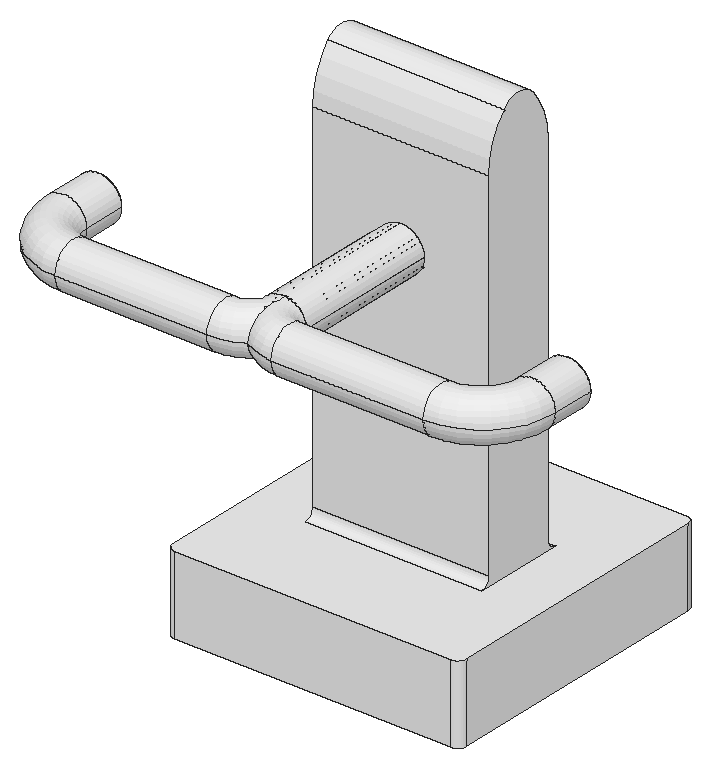
Revit family "Robe_Hook-Double-American_Standard-Contemporary_CS_Series-8335.210_Series", category Specialty Equipment, host Face, Revit 2018
Family settings
  Host = Face
  Round Connector Dimension = Use Diameter
  Part Type = Normal
  OmniClass Number = 23.40.20.21.31
  OmniClass Title = Robe Hooks
  Cut with Voids When Loaded = No
  Shared = Yes
  Room Calculation Point = No
Parameters (values of type "8335210.002")
  Width = 3 1/2"
  URL = "http://www.americanstandard-us.com"
  Type Comments = ""
  Revised Date = "03/11/2022"  # constant formula
  Product Page URL = "https://www.americanstandard-us.com/Robe-Hooks/CS-Series-Double-Robe-Hook/CHROME-8335210002"
  Product Documentation Link = "https://americanstandard.box.com/shared/static/fkr5yqp1estsg3nxmppt8euwmwddaerl.pdf"
  Price = "Prices may vary. Please consult Manufacturer Representative for most up-to-date price list."  # constant formula
  Model = "8335210.002"
  Material = "Metal-American Standard-002-Polished Chrome"
  Manufacturer = "American Standard"
  Length = 3 3/16"
  Installation Type = "Wall Mounted"
  Height = 2 5/8"
  Finish = Metal-American Standard-002-Polished Chrome
  Description = "CS Series Double Robe Hook"
  Default Elevation = 40"
  Creation Date = "04/04/2014"  # constant formula
  Assembly Code = "C1030200"
Types (3): name | Product Page URL | Model | Material | Finish
  (no name) | "https://www.americanstandard-us.com/Robe-Hooks/CS-Series-Double-Robe-Hook/CHROME-8335210002" | "8335210.002" | "Metal-American Standard-002-Polished Chrome" | Metal-American Standard-002-Polished Chrome
  8335210.002 | "https://www.americanstandard-us.com/Robe-Hooks/CS-Series-Double-Robe-Hook/CHROME-8335210002" | "8335210.002" | "Metal-American Standard-002-Polished Chrome" | Metal-American Standard-002-Polished Chrome
  8335210.295 | "https://www.americanstandard-us.com/Robe-Hooks/CS-Series-Double-Robe-Hook/BRUSHED-NICKEL-8335210295" | "8335210.295" | "Metal-American Standard-295-Satin Nickel" | Metal-American Standard-295-Satin Nickel
Reference planes (in)
  plane 1 "Center (Front/Back)": y = 0
  plane 2: z = 0
  plane 3 "Center (Left/Right)": x = 0
  plane 4 "Floor Level": y = -40
  plane 5: y = 1
  plane 6: x = 1.75
  plane 7: z = 2.375
  plane 8: z = 3.1875
  plane 9: x = 1
  plane 10: x = 0.15625
  plane 11: x = -0.15625
  plane 12: x = -1.4375
  plane 13: x = -1.75
  plane 14: y = -1
  plane 15: y = -1.3125
  plane 16: y = -1.625
  plane 17: x = -1
Forms (in)
  Extrusion 1, solid, material "Metal-American Standard-002-Polished Chrome" <- "Finish"
    sketch origin (0, 0, 0) x (1, 0, 0) y (0, 1, 0)
      loop
        arc (-0.9375, 1) -> (-0.98169, 0.98169) -> (-1, 0.9375) r 0.0625
        line (-1, 0.9375) -> (-1, -0.9375)
        arc (-1, -0.9375) -> (-0.98169, -0.98169) -> (-0.9375, -1) r 0.0625
        line (-0.9375, -1) -> (0.9375, -1)
        arc (0.9375, -1) -> (0.98169, -0.98169) -> (1, -0.9375) r 0.0625
        line (1, -0.9375) -> (1, 0.9375)
        arc (1, 0.9375) -> (0.98169, 0.98169) -> (0.9375, 1) r 0.0625
        line (0.9375, 1) -> (-0.9375, 1)
    from 0 to 0.52947
  Extrusion 2, solid, material "Metal-American Standard-002-Polished Chrome" <- "Finish"
    sketch origin (-0.00972, 0, 0) x (0, 0, -1) y (0, 1, 0)
      loop
        line (-0.59197, 0.25) -> (-3.02947, 0.25)
        arc (-3.02947, 0.25) -> (-3.21446, 0.21643) -> (-3.37586, 0.11999) r 0.52645
        arc (-3.37586, 0.11999) -> (-3.43036, 0) -> (-3.37586, -0.11999) r 0.15934
        arc (-3.37586, -0.11999) -> (-3.21446, -0.21643) -> (-3.02947, -0.25) r 0.52645
        line (-3.02947, -0.25) -> (-0.59197, -0.25)
        arc (-0.59197, -0.25) -> (-0.54777, -0.26831) -> (-0.52947, -0.3125) r 0.0625
        line (-0.52947, -0.3125) -> (-0.52947, 0.3125)
        arc (-0.52947, 0.3125) -> (-0.54777, 0.26831) -> (-0.59197, 0.25) r 0.0625
    from -0.58932 to 0.60877
  Sweep 3, solid, material "Metal-American Standard-002-Polished Chrome" <- "Finish"
    path origin (0, 0, 0) x (1, 0, 0) y (0, 1, 0)
      loop
        line (-1.75, -0.8285) -> (-1.75, -1.125)
        arc (-1.75, -1.125) -> (-1.60355, -1.47855) -> (-1.25, -1.625) r 0.5
        line (-1.25, -1.625) -> (-0.21875, -1.625)
        arc (-0.21875, -1.625) -> (0.04642, -1.51517) -> (0.15625, -1.25) r 0.375
        line (0.15625, -1.25) -> (0.15625, 0.51036)
    profile origin (-1.75, -0.97675, 0) x (1, 0, 0) y (0, 0, 1)
      loop
        circle (0.15625, 2.375) r 0.15625
  Sweep 4, solid, material "Metal-American Standard-002-Polished Chrome" <- "Finish"
    path origin (0, 0, 0) x (-1, 0, 0) y (0, -1, 0)
      loop
        line (-1.75, 0.8285) -> (-1.75, 1.125)
        arc (-1.75, 1.125) -> (-1.60355, 1.47855) -> (-1.25, 1.625) r 0.5
        line (-1.25, 1.625) -> (-0.21875, 1.625)
        arc (-0.21875, 1.625) -> (0.04642, 1.51517) -> (0.15625, 1.25) r 0.375
        line (0.15625, 1.25) -> (0.15625, 0.06657)
    profile origin (1.75, -0.97675, 0) x (1, 0, 0) y (0, 0, 1)
      loop
        circle (-0.15625, 2.375) r 0.15625
  Revolve 5, solid, material "Metal-American Standard-002-Polished Chrome" <- "Finish"
    sketch origin (0, 0, 2.375) x (1, 0, 0) y (0, 1, 0)
      loop
        line (-1.75, -0.8285) -> (-1.59375, -0.8285) -> (-1.59375, -0.75855)
        arc (-1.59375, -0.75855) -> (-1.67935, -0.77684) -> (-1.75, -0.8285) r 0.20948
      axis (-1.59375, -0.8285) -> (-1.59375, -0.75855)
    angle from 0 to 360
  Revolve 6, solid, material "Metal-American Standard-002-Polished Chrome" <- "Finish"
    sketch origin (1.59375, 1.33886, 2.375) x (1, 0, 0) y (0, 1, 0)
      loop
        line (-1.75, -0.8285) -> (-1.59375, -0.8285) -> (-1.59375, -0.75855)
        arc (-1.59375, -0.75855) -> (-1.67935, -0.77684) -> (-1.75, -0.8285) r 0.20948
      axis (-1.59375, -0.8285) -> (-1.59375, -0.75855)
    angle from 0 to 360
  Revolve 7, solid, material "Metal-American Standard-002-Polished Chrome" <- "Finish"
    sketch origin (3.1875, 0, 2.375) x (1, 0, 0) y (0, 1, 0)
      loop
        line (-1.75, -0.8285) -> (-1.59375, -0.8285) -> (-1.59375, -0.75855)
        arc (-1.59375, -0.75855) -> (-1.67935, -0.77684) -> (-1.75, -0.8285) r 0.20948
      axis (-1.59375, -0.8285) -> (-1.59375, -0.75855)
    angle from 0 to 360
  Revolve 8, solid, material "Metal-American Standard-002-Polished Chrome" <- "Finish"
    sketch origin (0, 0, 2.375) x (-1, 0, 0) y (0, -1, 0)
      loop
        arc (-1.75, 0.8285) -> (-1.67935, 0.77684) -> (-1.59375, 0.75855) r 0.20948
        line (-1.59375, 0.75855) -> (-1.59375, 0.8285) -> (-1.75, 0.8285)
      axis (-1.59375, 0.8285) -> (-1.59375, 0.75855)
    angle from 0 to 360
Lines and regions (in)
  Masking region 1
    outline origin (0, 0, 0) x (1, 0, 0) y (0, 0, 1)
      loop
        line (-0.59905, 3.43036) -> (-0.59905, 2.53125) -> (-1.59375, 2.53125)
        arc (-1.59375, 2.53125) -> (-1.70424, 2.48549) -> (-1.75, 2.375) r 0.15625
        arc (-1.75, 2.375) -> (-1.70424, 2.26451) -> (-1.59375, 2.21875) r 0.15625
        line (-1.59375, 2.21875) -> (-0.59905, 2.21875) -> (-0.59905, 0.52947) -> (-1, 0.52947) -> (-1, 0) -> (1, 0) -> (1, 0.52947) -> (0.59905, 0.52947) -> (0.59905, 2.21875) -> (1.59375, 2.21875)
        arc (1.59375, 2.21875) -> (1.70424, 2.26451) -> (1.75, 2.375) r 0.15625
        arc (1.75, 2.375) -> (1.70424, 2.48549) -> (1.59375, 2.53125) r 0.15625
        line (1.59375, 2.53125) -> (0.59905, 2.53125) -> (0.59905, 3.43036) -> (-0.59905, 3.43036)
  symbolic lines, style "SpecialityEquipment", detail levels fine
    curve 1: circle (0, 0, 2.375) r 0.15625 normal (0, -1, 0)
    curve 4: line (0.59905, 0, 0.52947) -> (-0.59905, 0, 0.52947)
  symbolic lines, style "SpecialityEquipment", detail levels medium+fine
    curve 2: line (0.59905, 0, 2.21875) -> (0.59905, 0, 2.53125)
    curve 3: line (-0.59905, 0, 2.53125) -> (-0.59905, 0, 2.21875)
Dimensions and locks (in)
  "Default Elevation": plane 4 "Floor Level" to plane 1 "Center (Front/Back)"
  "Width": plane 13 to plane 6
  "Height": plane 16 to plane 5
  plane 16 to plane 1 "Center (Front/Back)" = 1 5/8"
  plane 5 to plane 14 = 2"
  plane 2 to plane 7 = 2 3/8"
  "Length": plane 2 to plane 8
  aligned and locked: plane 2 to host face
  aligned and locked: level to host face
Automatic sketch dimensions
  host sketch curve to host sketch curve = 96"  (x2)
  plane 14 to Extrusion 1 sketch curve = 0"
  plane 5 to Extrusion 1 sketch curve = 0"
  Extrusion 1 sketch curve to plane 9 = 0"
  plane 9 to Extrusion 1 sketch curve = 1/16"  (x2)
  Extrusion 2 sketch curve to plane 1 "Center (Front/Back)" = 0"
  Extrusion 2 sketch curve to plane 8 = 0.18836"  (x2)
  plane 1 "Center (Front/Back)" to Extrusion 2 sketch curve = 0.11999"
  Extrusion 2 sketch curve to Extrusion 2 sketch curve = 0"  (x8)
  Extrusion 2 sketch curve to plane 8 = 0.08352"
  plane 1 "Center (Front/Back)" to Extrusion 2 sketch curve = 1/4"
  level to Extrusion 2 sketch curve = 0.59197"
  Extrusion 2 sketch curve to Extrusion 2 sketch curve = 1/16"
  Sweep 3 sketch curve to plane 13 = 0"
  plane 16 to Sweep 3 sketch curve = 0"
  Sweep 3 sketch curve to plane 10 = 0"
  Sweep 3 sketch curve to plane 12 = 3/16"
  plane 11 to Sweep 3 sketch curve = 1/16"
  Sweep 3 sketch curve to plane 14 = 0.1715"
  plane 5 to Sweep 3 sketch curve = 0.48964"
  Sweep 3 sketch curve to profile plane = 5/32"
  profile plane to Sweep 3 sketch curve = 2 3/8"
  Sweep 4 sketch curve to plane 6 = 0"
  plane 16 to Sweep 4 sketch curve = 0"
  Sweep 4 sketch curve to plane 11 = 0"
  Sweep 4 sketch curve to plane 9 = 1/4"
  Sweep 4 sketch curve to plane 10 = 1/16"
  Sweep 4 sketch curve to plane 14 = 0.1715"
  plane 1 "Center (Front/Back)" to Sweep 4 sketch curve = 0.06657"
  profile plane to Sweep 4 sketch curve = 5/32"
  profile plane to Sweep 4 sketch curve = 2 3/8"
  Revolve 5 sketch curve to plane 13 = 0"
  plane 12 to Revolve 5 sketch curve = 5/32"
  Revolve 5 sketch curve to Revolve 5 sketch curve = 0"
  Revolve 5 sketch curve to plane 14 = 0.03197"
  Revolve 5 sketch curve to plane 14 = 0.1715"
  Revolve 5 sketch curve to Revolve 5 sketch curve = 0.0191"
  Revolve 5 sketch curve to Revolve 5 sketch curve = 0.05432"
  Revolve 6 sketch curve to plane 11 = 0"
  Revolve 6 sketch curve to plane 3 "Center (Left/Right)" = 0"  (x2)
  Revolve 6 sketch curve to plane 1 "Center (Front/Back)" = 0.37083"
  Revolve 6 sketch curve to Revolve 6 sketch curve = 0.13953"
  Revolve 6 sketch curve to Revolve 6 sketch curve = 0.0191"
  Revolve 6 sketch curve to Revolve 6 sketch curve = 0.05432"
  plane 6 to Revolve 7 sketch curve = 5/16"
  plane 6 to Revolve 7 sketch curve = 5/32"
  Revolve 7 sketch curve to Revolve 7 sketch curve = 0"
  Revolve 7 sketch curve to plane 14 = 0.03197"
  Revolve 7 sketch curve to plane 14 = 0.1715"
  Revolve 7 sketch curve to Revolve 7 sketch curve = 0.0191"
  Revolve 7 sketch curve to Revolve 7 sketch curve = 0.05432"
  Revolve 8 sketch curve to plane 6 = 0"
  plane 6 to Revolve 8 sketch curve = 5/32"
  Revolve 8 sketch curve to Revolve 8 sketch curve = 0"
  Revolve 8 sketch curve to plane 14 = 0.29577"
  Revolve 8 sketch curve to Revolve 8 sketch curve = 0.05432"
  Revolve 8 sketch curve to Revolve 8 sketch curve = 0.0191"
  Revolve 8 sketch curve to Revolve 8 sketch curve = 0.05085"
  Extrusion 1 sketch curve to plane 12 = 1/2"  (x2)
  Extrusion 1 sketch curve to plane 14 = 1/16"
  curve 1 to plane 3 "Center (Left/Right)" = 0"
  Masking region 1 sketch curve to Masking region 1 sketch curve = 0"  (x5)
  Masking region 1 sketch curve to plane 7 = 0"  (x2)
  plane 13 to Masking region 1 sketch curve = 0"
  Masking region 1 sketch curve to level = 0"
  Masking region 1 sketch curve to plane 17 = 0"
  plane 9 to Masking region 1 sketch curve = 0"
  plane 6 to Masking region 1 sketch curve = 0"
  plane 7 to Masking region 1 sketch curve = 5/32"  (x2)
  plane 17 to Masking region 1 sketch curve = 0.40095"
  Masking region 1 sketch curve to Masking region 1 sketch curve = 0.40095"
  plane 9 to Masking region 1 sketch curve = 0.40095"
  level to Masking region 1 sketch curve = 0.52947"  (x2)
  Masking region 1 sketch curve to plane 8 = 0.24286"
  plane 17 to curve 4 = 0.40095"
  curve 3 to plane 7 = 5/32"
  plane 17 to curve 3 = 0.40095"
  plane 9 to curve 4 = 0.40095"
  plane 7 to curve 2 = 5/32"
  plane 9 to curve 2 = 0.40095"
  plane 7 to curve 3 = 5/32"
  level to curve 4 = 0.52947"
  curve 2 to plane 7 = 5/32"
  curve 1 to plane 7 = 0"
  radius of Sweep 3 sketch curve = 5/32"
  radius of Sweep 4 sketch curve = 5/32"
  radius of curve 1 = 5/32"
